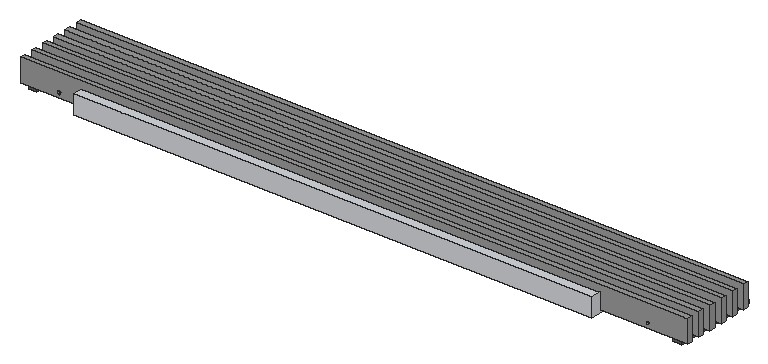
Revit family "1214-6, Veneer", category Generic Models, host Face, Revit 2020
Family settings
  Host = Face
  Can host rebar = No
  Round Connector Dimension = Use Diameter
  Part Type = Normal
  Cut with Voids When Loaded = No
  Shared = No
  Room Calculation Point = No
Parameters
  min_value [instance] = 1' - 11 1/4"  # constant formula
  max_value [instance] = 9' - 11 1/4"  # constant formula
  actual_value [instance] = if(NET LENGTH < min_value, min_value, if(NET LENGTH > max_value, max_value, NET LENGTH))  # 7' - 11 1/4"
  NET LENGTH [instance] = 7' - 11 1/4"
  IMPORTANT NOTE!!!                                                                             *Backer & dowel layout is for visualization purposes only, final layout to be determined by 9Wood. [instance] = ""
  Default Elevation = 4' - 0"
  DOWEL RADIUS [instance] = 0' - 0 1/4"  # constant formula
  BACKING M MATERIAL [instance] = BLACK-BACKERS
  .. MEMBER WIDTH [instance] = 0' - 0 3/4"  # constant formula
  .. MEMBER MATERIAL [instance] = WESTERN HEMLOCK
  .. MEMBER DEPTH [instance] = 0' - 3 1/4"  # constant formula
  .. MEMBER COUNT [instance] = 6  # constant formula
Reference planes (in)
  plane 1 "Center (Front/Back)": y = 0
  plane 2: z = 2.726
  plane 3 "Center (Left/Right)": x = 0
Forms (in)
  Extrusion 1, solid
    sketch origin (15, -0.86619, -0.99308) x (0, 1, 0) y (-1, 0, 0)
      loop
        line (3.42869, -23.66817) -> (3.42869, 50.25) -> (-10, 50.25) -> (-10, -23.66817) -> (3.42869, -23.66817)
    from 3.71908 to 1.00111
Dimensions and locks (in)
  aligned and locked: plane 2 to Extrusion 1
Nested families (in)
  nested 1: "1200 Series" at (-44, -2, 1.87867), NET LENGTH <- "actual_value", DOWEL RADII <- "DOWEL RADIUS", .. MEMBER WIDTH <- ".. MEMBER WIDTH", .. MEMBER DEPTH <- ".. MEMBER DEPTH", .. MEMBER MATERIAL <- ".. MEMBER MATERIAL", BACKING M MATERIAL <- "BACKING M MATERIAL", .. MEMBER COUNT <- ".. MEMBER COUNT", type "1200 Series"
    with X 7' - 4", WIDTH 1' - 0 1/16", Space 0' - 0 11/16", START 0' - 0 3/8", SCRIM MATERIAL SCRIM, SCRIM 3 8' - 1", SCRIM 2 0' - 0 7/8", SCRIM 1 0' - 0 3/32", SCRIM yes, NET LENGTH 7' - 11 1/4", N 8, INSET 3 0' - 0 3/16", INSET 0' - 1", INDEX 0' - 5 5/8", END BACKER yes, DOWEL RADII 0' - 0 1/4", DOWEL COUNT 8, BACKING M WIDTH 0' - 1 1/4", BACKING M MATERIAL BLACK-BACKERS, BACKING M LENGTH 0' - 11 7/8", BACKING M DEPTH 0' - 0 1/2", .. MEMBER WIDTH 0' - 0 3/4", .. MEMBER OC TYP 0' - 2", .. MEMBER MATERIAL WESTERN HEMLOCK, .. MEMBER DEPTH 0' - 3 1/4", .. MEMBER COUNT 6
Definition of nested family "1200 Series"
  Parameters (values of type "1200 Series")
    X [instance] = NET LENGTH - (0' 3 5/8" * 2)  # 6' - 2"
    WIDTH [instance] = 1' - 0 1/16"
    Space [instance] = 0' - 0 11/16"  # constant formula
    START [instance] = .. MEMBER WIDTH / 2  # 0' - 0 3/8"
    SCRIM MATERIAL [instance] = none
    SCRIM 3 [instance] = NET LENGTH + (SCRIM 2 * 2)  # 6' - 11"
    SCRIM 2 [instance] = 0' - 0 7/8"
    SCRIM 1 [instance] = 0' - 0 3/32"
    SCRIM [instance] = yes
    NET LENGTH [instance] = 6' - 9 1/4"
    N [instance] = if((X - (rounddown(X / 1' 0") * 1' 0")) > 1' 0", rounddown(X / 1' 0") + 2, rounddown(X / 1' 0") + 1)  # 7
    INSET 3 [instance] = 0' - 0 3/16"
    INSET [instance] = 0' - 1"
    INDEX [instance] = (NET LENGTH - ((N - 1) * 1' 0")) / 2  # 0' - 4 5/8"
    END BACKER [instance] = yes
    Default Elevation = 0' - 0"
    DOWEL RADII [instance] = 0' - 0 1/4"
    DOWEL COUNT [instance] = N  # 7
    BACKING M WIDTH [instance] = 0' - 1 1/4"
    BACKING M MATERIAL [instance] = none
    BACKING M LENGTH [instance] = 0' - 11 7/8"
    BACKING M DEPTH [instance] = 0' - 0 1/2"
    .. MEMBER WIDTH [instance] = 0' - 0 3/4"
    .. MEMBER OC TYP [instance] = 1' 0" / .. MEMBER COUNT  # 0' - 3"
    .. MEMBER MATERIAL [instance] = none
    .. MEMBER DEPTH [instance] = 0' - 1 3/8"
    .. MEMBER COUNT [instance] = 4
  Reference planes (in)
    plane 1 "Center (Front/Back)": y = -7.5
    plane 2: z = 0
    plane 3 "Center (Left/Right)": x = 0
    plane 4: x = 1
    plane 5: x = 4.625
    plane 6: x = 81.25
    plane 7: x = 80.25
    plane 8: x = 16.625
    plane 9: y = -7.3125
    plane 10: y = -4.125
    plane 11: y = -7.125
    plane 12: y = 4.5625
    plane 13: y = -4.5
    plane 14: y = -7.59375
    plane 15: x = 82.125
    plane 16: y = 4.65625
    plane 17: x = -0.875
    plane 18: z = -1.375
    plane 19: z = -0.6875
  Lines and regions (in)
    model lines
      curve 1: line (4.375, -7.5, -0.6875) -> (4.875, -7.5, -0.6875)
    model lines, not visible
      curve 2: line (4.625, -7.5, -0.9375) -> (4.625, -7.5, -0.4375)
      curve 3: line (4.375, -7.5, -0.6875) -> (4.875, -7.5, -0.6875)
      curve 4: line (16.625, -7.5, -0.9375) -> (16.625, -7.5, -0.4375)
      curve 5: line (16.375, -7.5, -0.6875) -> (16.875, -7.5, -0.6875)
      curve 6: line (28.625, -7.5, -0.9375) -> (28.625, -7.5, -0.4375)
      curve 7: line (28.375, -7.5, -0.6875) -> (28.875, -7.5, -0.6875)
      curve 8: line (40.625, -7.5, -0.9375) -> (40.625, -7.5, -0.4375)
      curve 9: line (40.375, -7.5, -0.6875) -> (40.875, -7.5, -0.6875)
      curve 10: line (52.625, -7.5, -0.9375) -> (52.625, -7.5, -0.4375)
      curve 11: line (52.375, -7.5, -0.6875) -> (52.875, -7.5, -0.6875)
      curve 12: line (64.625, -7.5, -0.9375) -> (64.625, -7.5, -0.4375)
      curve 13: line (64.375, -7.5, -0.6875) -> (64.875, -7.5, -0.6875)
      curve 14: line (76.625, -7.5, -0.9375) -> (76.625, -7.5, -0.4375)
      curve 15: line (76.375, -7.5, -0.6875) -> (76.875, -7.5, -0.6875)
  Dimensions and locks (in)
    "NET LENGTH": plane 3 "Center (Left/Right)" to plane 6
    "INSET": plane 7 to plane 6
    "INDEX": plane 3 "Center (Left/Right)" to plane 5
    plane 5 to plane 8 = 1' - 0"
    "INSET 3": plane 1 "Center (Front/Back)" to plane 9
    equal spacing: group 1, group 2, group 3, group 4  (x3)
    "START": plane 11 to plane 1 "Center (Front/Back)"
    ".. MEMBER OC TYP": plane 10 to plane 11
    "WIDTH": plane 12 to plane 1 "Center (Front/Back)"
    "START": plane 10 to plane 13
    "SCRIM 1": plane 14 to plane 1 "Center (Front/Back)"
    "SCRIM 2": plane 6 to plane 15
    "SCRIM 1": plane 12 to plane 16
    "SCRIM 2": plane 17 to plane 3 "Center (Left/Right)"
    "INSET": plane 3 "Center (Left/Right)" to plane 4
    equal spacing: group 5, group 6, group 7, group 8, group 9, group 10, group 11  (x3)
    "Space": plane 19 to plane 18
    aligned and locked: level to plane 2
    aligned and locked: nested 1 to plane 4  (x2)
    aligned and locked: plane 7 to nested 2
    aligned and locked: plane 5 to nested 3
    aligned and locked: nested 1 to plane 9
    aligned and locked: plane 1 "Center (Front/Back)" to nested 4
    aligned and locked: plane 9 to nested 2
    aligned and locked: plane 13 to nested 5
    aligned and locked: nested 3 to plane 9
    aligned and locked: plane 18 to nested 1
    aligned and locked: plane 19 to nested 3
    aligned and locked: curve 1 to plane 19
    aligned and locked: plane 8 to curve 4
    aligned and locked: curve 5 to plane 19
    aligned and locked: nested 4 to plane 18
  Automatic sketch dimensions
    curve 1 to curve 1 = 0' - 0 1/2"
    curve 1 to plane 5 = 0' - 0 1/4"
    plane 5 to curve 1 = 0' - 0 1/4"
    curve 3 to curve 2 = 0' - 0 1/4"  (x2)
    curve 2 to curve 3 = 0' - 0 1/4"  (x2)
    curve 5 to curve 4 = 0' - 0 1/4"  (x2)
    curve 4 to curve 5 = 0' - 0 1/4"  (x2)
    curve 7 to curve 6 = 0' - 0 1/4"  (x2)
    curve 6 to curve 7 = 0' - 0 1/4"  (x2)
    curve 9 to curve 8 = 0' - 0 1/4"  (x2)
    curve 8 to curve 9 = 0' - 0 1/4"  (x2)
    curve 11 to curve 10 = 0' - 0 1/4"  (x2)
    curve 10 to curve 11 = 0' - 0 1/4"  (x2)
    curve 13 to curve 12 = 0' - 0 1/4"  (x2)
    curve 12 to curve 13 = 0' - 0 1/4"  (x2)
    curve 15 to curve 14 = 0' - 0 1/4"  (x2)
    curve 14 to curve 15 = 0' - 0 1/4"  (x2)
  Nested families (in)
    nested 1: "INSTANCE - 2ND -  EXTEND SIDE H CENTER W - Parametric Cube" at (1, -1.375, -1.375) x (0, -1, 0) z (0, 0, 1), Width <- "BACKING M LENGTH", Length <- "BACKING M WIDTH", Material <- "BACKING M MATERIAL", Height <- "BACKING M DEPTH", visible <- "END BACKER", type "INSTANCE - 2ND -  EXTEND SIDE H CENTER W - Parametric Cube"
      with Width 0' - 11 7/8", Material none, Length 0' - 1 1/4", Height 0' - 0 1/2"
    nested 2: "INSTANCE - 2ND -  EXTEND SIDE H CENTER W - Parametric Cube" at (80.25, -1.375, -1.375) x (0, -1, 0) z (0, 0, 1), Width <- "BACKING M LENGTH", Length <- "BACKING M WIDTH", Material <- "BACKING M MATERIAL", Height <- "BACKING M DEPTH", visible <- "END BACKER", type "INSTANCE - 2ND -  EXTEND SIDE H CENTER W - Parametric Cube"
      with Width 0' - 11 7/8", Material none, Length 0' - 1 1/4", Height 0' - 0 1/2"
    nested 3: "Family3" at (-5.375, -7.3125, -0.6875), DOWEL RADII <- "DOWEL RADII", BACKING MEM MATERIAL <- "BACKING M MATERIAL", type "Family3"
      with DOWEL RADII 0' - 0 1/4", DOWEL LENGTH 0' - 11 7/8", BACKING MEM MATERIAL none
    nested 4: "HOLED MEMBER" at (0, -18.75, 6.19404), DOWEL RADII <- "DOWEL RADII", .. MEMBER LENGTH <- "NET LENGTH", DOWEL COUNT <- "DOWEL COUNT", DEPTH <- ".. MEMBER DEPTH", .. MEMBER WIDTH <- ".. MEMBER WIDTH", Material <- ".. MEMBER MATERIAL", DOWEL INDEX <- "INDEX", Space 2 <- "Space", type "HOLED MEMBER"
      with Width 0' - 6", Space 2 0' - 0 11/16", Material none, Length 1' - 0", Height 0' - 10.43096", DOWEL RADII 0' - 0 1/4", DOWEL OC DIST 1' - 0", DOWEL INDEX 0' - 4 5/8", DOWEL COUNT 7, DEPTH 0' - 1 3/8", .. MEMBER WIDTH 0' - 0 3/4", .. MEMBER LENGTH 6' - 9 1/4"
    nested 5: "HOLED MEMBER" at (0, -15.75, 6.19404), DOWEL RADII <- "DOWEL RADII", .. MEMBER LENGTH <- "NET LENGTH", DOWEL COUNT <- "DOWEL COUNT", DEPTH <- ".. MEMBER DEPTH", .. MEMBER WIDTH <- ".. MEMBER WIDTH", Material <- ".. MEMBER MATERIAL", DOWEL INDEX <- "INDEX", Space 2 <- "Space", type "HOLED MEMBER"
      with Width 0' - 6", Space 2 0' - 0 11/16", Material none, Length 1' - 0", Height 0' - 10.43096", DOWEL RADII 0' - 0 1/4", DOWEL OC DIST 1' - 0", DOWEL INDEX 0' - 4 5/8", DOWEL COUNT 7, DEPTH 0' - 1 3/8", .. MEMBER WIDTH 0' - 0 3/4", .. MEMBER LENGTH 6' - 9 1/4"
    nested 6: "HOLED MEMBER" at (0, -12.75, 6.19404), DOWEL RADII <- "DOWEL RADII", .. MEMBER LENGTH <- "NET LENGTH", DOWEL COUNT <- "DOWEL COUNT", DEPTH <- ".. MEMBER DEPTH", .. MEMBER WIDTH <- ".. MEMBER WIDTH", Material <- ".. MEMBER MATERIAL", DOWEL INDEX <- "INDEX", Space 2 <- "Space", type "HOLED MEMBER"
      with Width 0' - 6", Space 2 0' - 0 11/16", Material none, Length 1' - 0", Height 0' - 10.43096", DOWEL RADII 0' - 0 1/4", DOWEL OC DIST 1' - 0", DOWEL INDEX 0' - 4 5/8", DOWEL COUNT 7, DEPTH 0' - 1 3/8", .. MEMBER WIDTH 0' - 0 3/4", .. MEMBER LENGTH 6' - 9 1/4"
    nested 7: "HOLED MEMBER" at (0, -9.75, 6.19404), DOWEL RADII <- "DOWEL RADII", .. MEMBER LENGTH <- "NET LENGTH", DOWEL COUNT <- "DOWEL COUNT", DEPTH <- ".. MEMBER DEPTH", .. MEMBER WIDTH <- ".. MEMBER WIDTH", Material <- ".. MEMBER MATERIAL", DOWEL INDEX <- "INDEX", Space 2 <- "Space", type "HOLED MEMBER"
      with Width 0' - 6", Space 2 0' - 0 11/16", Material none, Length 1' - 0", Height 0' - 10.43096", DOWEL RADII 0' - 0 1/4", DOWEL OC DIST 1' - 0", DOWEL INDEX 0' - 4 5/8", DOWEL COUNT 7, DEPTH 0' - 1 3/8", .. MEMBER WIDTH 0' - 0 3/4", .. MEMBER LENGTH 6' - 9 1/4"
    nested 8: "Family3" at (6.625, -7.3125, -0.6875), DOWEL RADII <- "DOWEL RADII", BACKING MEM MATERIAL <- "BACKING M MATERIAL", type "Family3"
      with DOWEL RADII 0' - 0 1/4", DOWEL LENGTH 0' - 11 7/8", BACKING MEM MATERIAL none
    nested 9: "Family3" at (18.625, -7.3125, -0.6875), DOWEL RADII <- "DOWEL RADII", BACKING MEM MATERIAL <- "BACKING M MATERIAL", type "Family3"
      with DOWEL RADII 0' - 0 1/4", DOWEL LENGTH 0' - 11 7/8", BACKING MEM MATERIAL none
    nested 10: "Family3" at (30.625, -7.3125, -0.6875), DOWEL RADII <- "DOWEL RADII", BACKING MEM MATERIAL <- "BACKING M MATERIAL", type "Family3"
      with DOWEL RADII 0' - 0 1/4", DOWEL LENGTH 0' - 11 7/8", BACKING MEM MATERIAL none
    nested 11: "Family3" at (42.625, -7.3125, -0.6875), DOWEL RADII <- "DOWEL RADII", BACKING MEM MATERIAL <- "BACKING M MATERIAL", type "Family3"
      with DOWEL RADII 0' - 0 1/4", DOWEL LENGTH 0' - 11 7/8", BACKING MEM MATERIAL none
    nested 12: "Family3" at (54.625, -7.3125, -0.6875), DOWEL RADII <- "DOWEL RADII", BACKING MEM MATERIAL <- "BACKING M MATERIAL", type "Family3"
      with DOWEL RADII 0' - 0 1/4", DOWEL LENGTH 0' - 11 7/8", BACKING MEM MATERIAL none
    nested 13: "Family3" at (66.625, -7.3125, -0.6875), DOWEL RADII <- "DOWEL RADII", BACKING MEM MATERIAL <- "BACKING M MATERIAL", type "Family3"
      with DOWEL RADII 0' - 0 1/4", DOWEL LENGTH 0' - 11 7/8", BACKING MEM MATERIAL none
  Definition of nested family "INSTANCE - 2ND -  EXTEND SIDE H CENTER W - Parametric Cube"
    Parameters (values of type "INSTANCE - 2ND -  EXTEND SIDE H CENTER W - Parametric Cube")
      Width [instance] = 0' - 6"
      Material [instance] = none
      Length [instance] = 1' - 0"
      Height [instance] = 1' - 6"
      Default Elevation = 0' - 0"
    Reference planes (in)
      plane 1 "Center (Front/Back)": y = 0
      plane 2: z = 0
      plane 3 "Center (Left/Right)": x = 0
      plane 4: x = -3
      plane 5: x = 3
      plane 6: y = 12
      plane 7: z = -18
    Forms (in)
      Extrusion 1, solid, material <- "Material"
        sketch origin (0, 6, 0) x (1, 0, 0) y (0, 1, 0)
          loop
            line (-3, 6) -> (-3, -6) -> (3, -6) -> (3, 6) -> (-3, 6)
        from -18 to 0
    Dimensions and locks (in)
      equal spacing: plane 4, plane 3 "Center (Left/Right)", plane 5
      "Width": plane 4 to plane 5
      "Height": plane 7 to level
      "Length": plane 1 "Center (Front/Back)" to plane 6
      aligned and locked: plane 2 to level
      aligned and locked: plane 4 to Extrusion 1 sketch curve
      aligned and locked: Extrusion 1 sketch curve to plane 5
      aligned and locked: Extrusion 1 to plane 7
      aligned and locked: plane 6 to Extrusion 1
    Automatic sketch dimensions
      plane 1 "Center (Front/Back)" to Extrusion 1 sketch curve = 0' - 0"
      plane 6 to Extrusion 1 sketch curve = 0' - 0"
  Definition of nested family "Family3"
    Parameters (values of type "Family3")
      Default Elevation = 0' - 0"
      DOWEL RADII [instance] = 0' - 0 5/8"
      DOWEL LENGTH [instance] = 0' - 5"
      BACKING MEM MATERIAL [instance] = none
    Reference planes (in)
      plane 1 "Center (Front/Back)": y = 0
      plane 2: z = 0
      plane 3 "Center (Left/Right)": x = 0
      plane 4: y = 5
    Forms (in)
      Extrusion 1, solid, material <- "BACKING MEM MATERIAL"
        sketch origin (10, 0, 0) x (1, 0, 0) y (0, 0, 1)
          loop
            circle (0, 0) r 0.625
        from 0 to -5
      Extrusion 2, solid, not visible
        sketch origin (0, 0, 0) x (1, 0, 0) y (0, 0, 1)
          loop
            circle (0, 0) r 0.625
        from 0 to 12
      Extrusion 3, solid, not visible
        sketch origin (10, 0, 0) x (1, 0, 0) y (0, 0, 1)
          loop
            circle (0, 0) r 0.625
        from 0 to 2.5
      Extrusion 4, solid, not visible
        sketch origin (10, 0, 0) x (1, 0, 0) y (0, 0, 1)
          loop
            circle (0, 0) r 0.625
        from 0 to -12
    Lines and regions (in)
      model lines, not visible
        curve 1: line (-13, 0, 0) -> (-13, -12, 0)
        curve 2: line (13, 0, 0) -> (13, -12, 0)
        curve 3: line (9.89453, 0, 0) -> (10.08794, 0, 0)
        curve 4: line (9.89453, -2.5, 0) -> (10.08794, -2.5, 0)
        curve 6: line (10, 0, 0) -> (10, 2, 0)
      model lines
        curve 5: line (10, 0, 0) -> (10, 2, 0)
    Dimensions and locks (in)
      "DOWEL LENGTH": plane 1 "Center (Front/Back)" to plane 4
      "DOWEL RADII": radius of Extrusion 1 sketch curve
      "DOWEL RADII": radius of Extrusion 2 sketch curve
      "DOWEL RADII": radius of Extrusion 3 sketch curve
      "DOWEL RADII": radius of Extrusion 4 sketch curve
      "DOWEL RADII": radius of Extrusion 1
      aligned and locked: plane 2 to level
      aligned and locked: Extrusion 1 to plane 1 "Center (Front/Back)"  (x3)
      aligned and locked: plane 1 "Center (Front/Back)" to Extrusion 1
      aligned and locked: plane 4 to Extrusion 1
    Automatic sketch dimensions
      plane 1 "Center (Front/Back)" to curve 5 = 0' - 0"
      curve 5 to plane 1 "Center (Front/Back)" = 0' - 2"
      plane 3 "Center (Left/Right)" to curve 5 = 0' - 10"
      Extrusion 1 sketch curve to level = 0' - 0"
      plane 3 "Center (Left/Right)" to Extrusion 1 sketch curve = 0' - 10"
  Definition of nested family "HOLED MEMBER"
    Parameters (values of type "HOLED MEMBER")
      Width [instance] = 0' - 6"
      Space 2 [instance] = 0' - 0 5/8"
      Space = 0' - 0 5/8"
      Material [instance] = none
      Length [instance] = 1' - 0"
      Height [instance] = 0' - 10.43096"
      Default Elevation = 0' - 0"
      DOWEL RADII [instance] = 0' - 0.34537"
      DOWEL OC DIST [instance] = 1' - 0"
      DOWEL INSET = 0' - 0 5/8"
      DOWEL INDEX [instance] = 0' - 5 5/8"
      DOWEL COUNT [instance] = 6
      DEPTH [instance] = 0' - 2"
      .. MEMBER WIDTH [instance] = 0' - 0 5/8"
      .. MEMBER LENGTH [instance] = 5' - 11 3/4"
    Reference planes (in)
      plane 1 "Center (Front/Back)": y = 12
      plane 2: z = -7.56904
      plane 3 "Center (Left/Right)": x = 0
      plane 4: x = 5.625
      plane 5: x = 17.625
      plane 6: y = 11.375
      plane 7: x = 71.75
      plane 8: z = -6.94404
      plane 9: z = -5.56904
    Forms (in)
      Extrusion 1, solid, material <- "Material"
        sketch origin (0, 12, -13.56904) x (1, 0, 0) y (0, 0, 1)
          loop
            line (0, 6) -> (71.75, 6) -> (71.75, 8) -> (0, 8) -> (0, 6)
        from 0.625 to 0
      Extrusion 2, void
        sketch origin (0, 12, -18.31904) x (1, 0, 0) y (0, 0, 1)
          loop
            circle (5.625, 11.375) r 0.34537
        from 0 to 12
      Extrusion 3, void, not visible
        sketch origin (0, 1.25, 0) x (1, 0, 0) y (0, 1, 0)
          loop
            circle (5.625, 11.375) r 0.34537
        from 0 to 12
      Extrusion 4, void, not visible
        sketch origin (0, 1.25, 0) x (1, 0, 0) y (0, 1, 0)
          loop
            circle (5.625, 11.375) r 0.34537
        from 0 to 12
      Extrusion 5, void, not visible
        sketch origin (12, 1.25, 0) x (1, 0, 0) y (0, 1, 0)
          loop
            circle (5.625, 11.375) r 0.34537
        from 0 to 12
      Extrusion 6, void, not visible
        sketch origin (0, 12, -16.31904) x (1, 0, 0) y (0, 0, 1)
          loop
            circle (5.625, 11.375) r 0.34537
        from 0 to 12
      Extrusion 7, void, not visible
        sketch origin (12, 12, -16.31904) x (1, 0, 0) y (0, 0, 1)
          loop
            circle (5.625, 11.375) r 0.34537
        from 0 to 12
      Extrusion 8, void, not visible
        sketch origin (0, 12, -18.31904) x (1, 0, 0) y (0, 0, 1)
          loop
            circle (5.625, 11.375) r 0.34537
        from 0 to 12
      Extrusion 9, void
        sketch origin (12, 12, -18.31904) x (1, 0, 0) y (0, 0, 1)
          loop
            circle (5.625, 11.375) r 0.34537
        from 0 to 12
      Extrusion 10, void, not visible
        sketch origin (24, 12, -16.31904) x (1, 0, 0) y (0, 0, 1)
          loop
            circle (5.625, 11.375) r 0.34537
        from 0 to 12
      Extrusion 11, void, not visible
        sketch origin (36, 12, -16.31904) x (1, 0, 0) y (0, 0, 1)
          loop
            circle (5.625, 11.375) r 0.34537
        from 0 to 12
      Extrusion 12, void, not visible
        sketch origin (48, 12, -16.31904) x (1, 0, 0) y (0, 0, 1)
          loop
            circle (5.625, 11.375) r 0.34537
        from 0 to 12
      Extrusion 13, void, not visible
        sketch origin (60, 12, -16.31904) x (1, 0, 0) y (0, 0, 1)
          loop
            circle (5.625, 11.375) r 0.34537
        from 0 to 12
      Extrusion 14, void, not visible
        sketch origin (24, 1.25, 0) x (1, 0, 0) y (0, 1, 0)
          loop
            circle (5.625, 11.375) r 0.34537
        from 0 to 12
      Extrusion 15, void, not visible
        sketch origin (36, 1.25, 0) x (1, 0, 0) y (0, 1, 0)
          loop
            circle (5.625, 11.375) r 0.34537
        from 0 to 12
      Extrusion 16, void, not visible
        sketch origin (48, 1.25, 0) x (1, 0, 0) y (0, 1, 0)
          loop
            circle (5.625, 11.375) r 0.34537
        from 0 to 12
      Extrusion 17, void, not visible
        sketch origin (60, 1.25, 0) x (1, 0, 0) y (0, 1, 0)
          loop
            circle (5.625, 11.375) r 0.34537
        from 0 to 12
      Extrusion 18, void
        sketch origin (24, 12, -18.31904) x (1, 0, 0) y (0, 0, 1)
          loop
            circle (5.625, 11.375) r 0.34537
        from 0 to 12
      Extrusion 19, void
        sketch origin (36, 12, -18.31904) x (1, 0, 0) y (0, 0, 1)
          loop
            circle (5.625, 11.375) r 0.34537
        from 0 to 12
      Extrusion 20, void
        sketch origin (48, 12, -18.31904) x (1, 0, 0) y (0, 0, 1)
          loop
            circle (5.625, 11.375) r 0.34537
        from 0 to 12
      Extrusion 21, void
        sketch origin (60, 12, -18.31904) x (1, 0, 0) y (0, 0, 1)
          loop
            circle (5.625, 11.375) r 0.34537
        from 0 to 12
    Cuts and joins
      Extrusion 2, Extrusion 9, Extrusion 18, Extrusion 19, Extrusion 20, Extrusion 21 cuts Extrusion 1
    Lines and regions (in)
      model lines, not visible
        curve 1: line (5.625, 11.72037, 0) -> (5.625, 11.02963, 0)
        curve 2: line (5.625, 11.72037, 0) -> (5.625, 11.02963, 0)
        curve 3: line (17.625, 11.72037, 0) -> (17.625, 11.02963, 0)
        curve 4: line (5.625, 12, -7.56904) -> (5.625, 11.87317, -7.56904)
        curve 5: line (5.625, 11.87317, -7.56904) -> (5.06195, 11.87317, -7.56904)
        curve 6: line (5.06195, 11.87317, -7.56904) -> (5.27963, 11.375, -7.56904)
        curve 7: line (0, 12, -6.19404) -> (0, 11.61951, -6.19404)
        curve 8: line (0, 11.375, -8.19404) -> (0, 11.6747, -8.19404)
        curve 9: line (5.625, 12, -7.56904) -> (5.625, 11.69863, -7.56904)
        curve 11: line (5.625, 12, 0) -> (5.625, 12, 0.30137)
        curve 12: line (5.625, 12, 0) -> (5.625, 12, 0.30137)
        curve 13: line (17.625, 12, 0) -> (17.625, 12, 0.30137)
        curve 14: line (5.625, 12, -5.56904) -> (5.625, 11.69863, -5.56904)
        curve 15: line (17.625, 12, -5.56904) -> (17.625, 11.69863, -5.56904)
        curve 16: line (5.625, 12, -7.56904) -> (5.625, 11.69863, -7.56904)
        curve 18: line (29.625, 12, -5.56904) -> (29.625, 11.69863, -5.56904)
        curve 19: line (41.625, 12, -5.56904) -> (41.625, 11.69863, -5.56904)
        curve 20: line (53.625, 12, -5.56904) -> (53.625, 11.69863, -5.56904)
        curve 21: line (65.625, 12, -5.56904) -> (65.625, 11.69863, -5.56904)
        curve 22: line (29.625, 11.72037, 0) -> (29.625, 11.02963, 0)
        curve 23: line (29.625, 12, 0) -> (29.625, 12, 0.30137)
        curve 24: line (41.625, 11.72037, 0) -> (41.625, 11.02963, 0)
        curve 25: line (41.625, 12, 0) -> (41.625, 12, 0.30137)
        curve 26: line (53.625, 11.72037, 0) -> (53.625, 11.02963, 0)
        curve 27: line (53.625, 12, 0) -> (53.625, 12, 0.30137)
        curve 28: line (65.625, 11.72037, 0) -> (65.625, 11.02963, 0)
        curve 29: line (65.625, 12, 0) -> (65.625, 12, 0.30137)
        curve 35: line (5.27963, 12.625, 0) -> (5.97037, 12.625, 0)
        curve 36: line (5.27963, 12.625, 0) -> (5.97037, 12.625, 0)
        curve 37: line (17.27963, 12.625, 0) -> (17.97037, 12.625, 0)
        curve 38: line (5.27963, 12, -4.94404) -> (5.97037, 12, -4.94404)
        curve 39: line (17.27963, 12, -4.94404) -> (17.97037, 12, -4.94404)
        curve 40: line (5.27963, 12, -6.94404) -> (5.97037, 12, -6.94404)
        curve 42: line (29.27963, 12, -4.94404) -> (29.97037, 12, -4.94404)
        curve 43: line (41.27963, 12, -4.94404) -> (41.97037, 12, -4.94404)
        curve 44: line (53.27963, 12, -4.94404) -> (53.97037, 12, -4.94404)
        curve 45: line (65.27963, 12, -4.94404) -> (65.97037, 12, -4.94404)
        curve 46: line (29.27963, 12.625, 0) -> (29.97037, 12.625, 0)
        curve 47: line (41.27963, 12.625, 0) -> (41.97037, 12.625, 0)
        curve 48: line (53.27963, 12.625, 0) -> (53.97037, 12.625, 0)
        curve 49: line (65.27963, 12.625, 0) -> (65.97037, 12.625, 0)
        curve 54: line (0, 12, -6.94404) -> (0, 4.22059, -6.94404)
        curve 55: line (0, 12.625, 0) -> (0, 12.625, 7.77941)
        curve 56: line (0, 12.625, 0) -> (0, 12.625, 7.77941)
        curve 57: line (12, 12.625, 0) -> (12, 12.625, 7.77941)
        curve 58: line (0, 12, -4.94404) -> (0, 4.22059, -4.94404)
        curve 59: line (12, 12, -4.94404) -> (12, 4.22059, -4.94404)
        curve 60: line (0, 12, -6.94404) -> (0, 4.22059, -6.94404)
        curve 61: line (12, 12, -6.94404) -> (12, 4.22059, -6.94404)
        curve 62: line (24, 12, -4.94404) -> (24, 4.22059, -4.94404)
        curve 63: line (36, 12, -4.94404) -> (36, 4.22059, -4.94404)
        curve 64: line (48, 12, -4.94404) -> (48, 4.22059, -4.94404)
        curve 65: line (60, 12, -4.94404) -> (60, 4.22059, -4.94404)
        curve 66: line (24, 12.625, 0) -> (24, 12.625, 7.77941)
        curve 67: line (36, 12.625, 0) -> (36, 12.625, 7.77941)
        curve 68: line (48, 12.625, 0) -> (48, 12.625, 7.77941)
        curve 69: line (60, 12.625, 0) -> (60, 12.625, 7.77941)
        curve 70: line (24, 12, -6.94404) -> (24, 4.22059, -6.94404)
        curve 71: line (36, 12, -6.94404) -> (36, 4.22059, -6.94404)
        curve 72: line (48, 12, -6.94404) -> (48, 4.22059, -6.94404)
        curve 73: line (60, 12, -6.94404) -> (60, 4.22059, -6.94404)
      model lines
        curve 10: line (5.625, 12, -7.56904) -> (5.625, 11.69863, -7.56904)
        curve 17: line (17.625, 12, -7.56904) -> (17.625, 11.69863, -7.56904)
        curve 30: line (29.625, 12, -7.56904) -> (29.625, 11.69863, -7.56904)
        curve 31: line (41.625, 12, -7.56904) -> (41.625, 11.69863, -7.56904)
        curve 32: line (53.625, 12, -7.56904) -> (53.625, 11.69863, -7.56904)
        curve 33: line (65.625, 12, -7.56904) -> (65.625, 11.69863, -7.56904)
        curve 34: line (5.27963, 12, -6.94404) -> (5.97037, 12, -6.94404)
        curve 41: line (17.27963, 12, -6.94404) -> (17.97037, 12, -6.94404)
        curve 50: line (29.27963, 12, -6.94404) -> (29.97037, 12, -6.94404)
        curve 51: line (41.27963, 12, -6.94404) -> (41.97037, 12, -6.94404)
        curve 52: line (53.27963, 12, -6.94404) -> (53.97037, 12, -6.94404)
        curve 53: line (65.27963, 12, -6.94404) -> (65.97037, 12, -6.94404)
    Dimensions and locks (in)
      "DOWEL INDEX": plane 3 "Center (Left/Right)" to plane 4
      "DOWEL OC DIST": plane 4 to plane 5
      ".. MEMBER LENGTH": plane 3 "Center (Left/Right)" to plane 7
      equal spacing: group 3, group 4, group 17, group 18, group 19, group 20  (x3)
      equal spacing: group 7, group 8, group 13, group 14, group 15, group 16  (x3)
      equal spacing: group 1, group 12, group 21, group 22, group 23, group 24  (x3)
      ".. MEMBER WIDTH": plane 6 to plane 1 "Center (Front/Back)"
      "DEPTH": plane 9 to level
      "Space 2": plane 8 to level
      "DOWEL RADII": radius of Extrusion 2 sketch curve
      "DOWEL RADII": radius of Extrusion 3 sketch curve
      "DOWEL RADII": radius of Extrusion 4 sketch curve
      "DOWEL RADII": radius of Extrusion 5 sketch curve
      "DOWEL RADII": radius of Extrusion 6 sketch curve
      "DOWEL RADII": radius of Extrusion 7 sketch curve
      "DOWEL RADII": radius of Extrusion 8 sketch curve
      "DOWEL RADII": radius of Extrusion 9 sketch curve
      "DOWEL RADII": radius of Extrusion 10 sketch curve
      "DOWEL RADII": radius of Extrusion 11 sketch curve
      "DOWEL RADII": radius of Extrusion 12 sketch curve
      "DOWEL RADII": radius of Extrusion 13 sketch curve
      "DOWEL RADII": radius of Extrusion 14 sketch curve
      "DOWEL RADII": radius of Extrusion 15 sketch curve
      "DOWEL RADII": radius of Extrusion 16 sketch curve
      "DOWEL RADII": radius of Extrusion 17 sketch curve
      "DOWEL RADII": radius of Extrusion 18 sketch curve
      "DOWEL RADII": radius of Extrusion 19 sketch curve
      "DOWEL RADII": radius of Extrusion 20 sketch curve
      "DOWEL RADII": radius of Extrusion 21 sketch curve
      aligned and locked: level to plane 2
      aligned and locked: Extrusion 1 to plane 3 "Center (Left/Right)"  (x2)
      aligned and locked: plane 7 to cut or joined group of Extrusion 1, Extrusion 2, Extrusion 9, Extrusion 18, Extrusion 19, Extrusion 20, Extrusion 21  (x2)
      aligned and locked: cut or joined group of Extrusion 1, Extrusion 2, Extrusion 9, Extrusion 18, Extrusion 19, Extrusion 20, Extrusion 21 to plane 1 "Center (Front/Back)"  (x2)
      aligned and locked: cut or joined group of Extrusion 1, Extrusion 2, Extrusion 9, Extrusion 18, Extrusion 19, Extrusion 20, Extrusion 21 to plane 6  (x2)
      aligned and locked: plane 4 to curve 10
      aligned and locked: plane 5 to curve 17
      aligned and locked: plane 9 to cut or joined group of Extrusion 1, Extrusion 2, Extrusion 9, Extrusion 18, Extrusion 19, Extrusion 20, Extrusion 21  (x2)
      aligned and locked: cut or joined group of Extrusion 1, Extrusion 2, Extrusion 9, Extrusion 18, Extrusion 19, Extrusion 20, Extrusion 21 to level
      aligned and locked: plane 8 to Extrusion 2
      aligned and locked: curve 34 to plane 8
      aligned and locked: curve 41 to plane 8
      aligned and locked: level to curve 10
      aligned and locked: curve 10 to level
      aligned and locked: plane 8 to cut or joined group of Extrusion 1, Extrusion 2, Extrusion 9, Extrusion 18, Extrusion 19, Extrusion 20, Extrusion 21
      aligned and locked: curve 54 to plane 8
    Automatic sketch dimensions
      curve 1 to curve 1 = 0' - 0.69074"
      curve 2 to curve 2 = 0' - 0.69074"
      curve 3 to curve 3 = 0' - 0.69074"
      Extrusion 1 sketch curve to plane 3 "Center (Left/Right)" = 0' - 0"
      Extrusion 1 sketch curve to plane 7 = 0' - 0"
      Extrusion 1 sketch curve to Extrusion 1 sketch curve = 0' - 2"
      level to Extrusion 1 sketch curve = 0' - 0"
      curve 9 to curve 9 = 0' - 0.30137"
      curve 10 to curve 10 = 0' - 0.30137"
      curve 11 to curve 11 = 0' - 0.30137"
      curve 12 to curve 12 = 0' - 0.30137"
      curve 13 to curve 13 = 0' - 0.30137"
      curve 14 to curve 14 = 0' - 0.30137"
      curve 15 to curve 15 = 0' - 0.30137"
      curve 16 to curve 16 = 0' - 0.30137"
      curve 17 to curve 17 = 0' - 0.30137"
      curve 18 to curve 18 = 0' - 0.30137"
      curve 19 to curve 19 = 0' - 0.30137"
      curve 20 to curve 20 = 0' - 0.30137"
      curve 21 to curve 21 = 0' - 0.30137"
      curve 22 to curve 22 = 0' - 0.69074"
      curve 23 to curve 23 = 0' - 0.30137"
      curve 24 to curve 24 = 0' - 0.69074"
      curve 25 to curve 25 = 0' - 0.30137"
      curve 26 to curve 26 = 0' - 0.69074"
      curve 27 to curve 27 = 0' - 0.30137"
      curve 28 to curve 28 = 0' - 0.69074"
      curve 29 to curve 29 = 0' - 0.30137"
      curve 30 to curve 30 = 0' - 0.30137"
      curve 31 to curve 31 = 0' - 0.30137"
      curve 32 to curve 32 = 0' - 0.30137"
      curve 33 to curve 33 = 0' - 0.30137"
      curve 34 to curve 34 = 0' - 0.69074"
      curve 35 to curve 35 = 0' - 0.69074"
      curve 36 to curve 36 = 0' - 0.69074"
      curve 37 to curve 37 = 0' - 0.69074"
      curve 38 to curve 38 = 0' - 0.69074"
      curve 39 to curve 39 = 0' - 0.69074"
      curve 40 to curve 40 = 0' - 0.69074"
      curve 41 to curve 41 = 0' - 0.69074"
      curve 42 to curve 42 = 0' - 0.69074"
      curve 43 to curve 43 = 0' - 0.69074"
      curve 44 to curve 44 = 0' - 0.69074"
      curve 45 to curve 45 = 0' - 0.69074"
      curve 46 to curve 46 = 0' - 0.69074"
      curve 47 to curve 47 = 0' - 0.69074"
      curve 48 to curve 48 = 0' - 0.69074"
      curve 49 to curve 49 = 0' - 0.69074"
      curve 50 to curve 50 = 0' - 0.69074"
      curve 51 to curve 51 = 0' - 0.69074"
      curve 52 to curve 52 = 0' - 0.69074"
      curve 53 to curve 53 = 0' - 0.69074"
      curve 54 to curve 54 = 0' - 7.77941"
      curve 55 to curve 55 = 0' - 7.77941"
      curve 56 to curve 56 = 0' - 7.77941"
      curve 57 to curve 57 = 0' - 7.77941"
      curve 58 to curve 58 = 0' - 7.77941"
      curve 59 to curve 59 = 0' - 7.77941"
      curve 60 to curve 60 = 0' - 7.77941"
      curve 61 to curve 61 = 0' - 7.77941"
      curve 62 to curve 62 = 0' - 7.77941"
      curve 63 to curve 63 = 0' - 7.77941"
      curve 64 to curve 64 = 0' - 7.77941"
      curve 65 to curve 65 = 0' - 7.77941"
      curve 66 to curve 66 = 0' - 7.77941"
      curve 67 to curve 67 = 0' - 7.77941"
      curve 68 to curve 68 = 0' - 7.77941"
      curve 69 to curve 69 = 0' - 7.77941"
      curve 70 to curve 70 = 0' - 7.77941"
      curve 71 to curve 71 = 0' - 7.77941"
      curve 72 to curve 72 = 0' - 7.77941"
      curve 73 to curve 73 = 0' - 7.77941"
